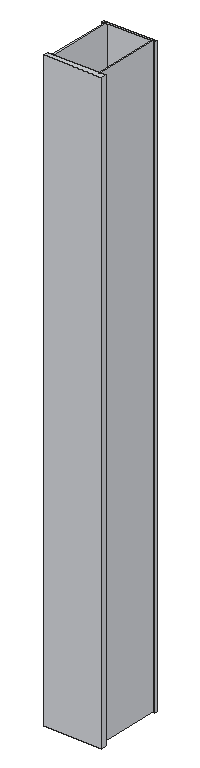
Revit family "StructuralColumns_FabricatedBoxProfile", category Structural Columns, Revit 2018
Family settings
  Section Shape = User Defined
  Material for Model Behavior = Steel
  Always export as geometry = No
  Beam cutback in plan = From bounding box
  Cut with Voids When Loaded = No
  Symbolic Representation = From Project Settings
  Shared = No
  Show family pre-cut in plan views = Yes
Parameters (values of type "FabricatedBoxProfile")
  Width = 200 mm
  Web Thickness = 0.8 cm
  Top Right Corbel Width = 1.0 cm
  Top Left Corbel Width = 1.0 cm
  Top Flange Thickness = 1.0 cm
  Structural Material [instance] = none
  Height = 300 mm
  Centroid Vertical = 150 mm
  Centroid Horizontal = 120 mm
  Bottom Right Corbel Width = 2.0 cm
  Bottom Left Corbel Width = 2.0 cm
  Bottom Flange Thickness = 2.0 cm
  Assembly Code = ""
Reference planes
  plane 1 "Center (Front/Back)": y = 0
  plane 2: z = 0
  plane 3 "Center (Left/Right)": x = 0
  plane 4: x = -100
  plane 5: x = 100
  plane 6: y = 150
  plane 7: y = -150
  plane 8: x = -110
  plane 9: x = -120
  plane 10: x = 110
  plane 11: x = 120
  plane 12: y = 140
  plane 13: y = -130
  plane 14: x = -92
  plane 15: x = 92
Forms (mm)
  Extrusion 1, solid, material <- "Structural Material", detail levels medium
    sketch origin (0, 0, 0) x (1, 0, 0) y (0, 1, 0)
      loop
        line (-110, 150) -> (-110, 140) -> (110, 140) -> (110, 150) -> (-110, 150)
    from 0 to 2500
  Extrusion 2, solid, material <- "Structural Material", detail levels fine
    sketch origin (450, -170, 0) x (1, 0, 0) y (0, 1, 0)
      loop
        line (-358, 310) -> (-358, 40) -> (-350, 40) -> (-350, 310) -> (-358, 310)
    from 0 to 2500
  Extrusion 3, solid, material <- "Structural Material", detail levels medium
    sketch origin (-416.028, 143.25, 0) x (1, 0, 0) y (0, 1, 0)
      loop
        line (296.028, -273.25) -> (296.028, -293.25) -> (536.028, -293.25) -> (536.028, -273.25) -> (296.028, -273.25)
    from 0 to 2500
  Extrusion 4, solid, material <- "Structural Material", detail levels medium
    sketch origin (-551.075, -35.963, 0) x (1, 0, 0) y (0, 1, 0)
      loop
        line (643.075, 175.963) -> (643.075, -94.037) -> (651.075, -94.037) -> (651.075, 175.963) -> (643.075, 175.963)
    from 0 to 2500
  Extrusion 5, solid, material <- "Structural Material", detail levels medium
    sketch origin (-470.774, -150.644, 0) x (1, 0, 0) y (0, 1, 0)
      loop
        line (370.774, 290.644) -> (370.774, 20.644) -> (378.774, 20.644) -> (378.774, 290.644) -> (370.774, 290.644)
    from 0 to 2500
  Extrusion 6, solid, material <- "Structural Material", detail levels fine
    sketch origin (426.632, 164.184, 0) x (1, 0, 0) y (0, 1, 0)
      loop
        line (-546.632, -294.184) -> (-546.632, -314.184) -> (-306.632, -314.184) -> (-306.632, -294.184) -> (-546.632, -294.184)
    from 0 to 2500
  Extrusion 7, solid, material <- "Structural Material", detail levels fine
    sketch origin (455.102, 57.932, 0) x (1, 0, 0) y (0, 1, 0)
      loop
        line (-555.102, 82.068) -> (-555.102, -187.932) -> (-547.102, -187.932) -> (-547.102, 82.068) -> (-555.102, 82.068)
    from 0 to 2500
  Extrusion 8, solid, material <- "Structural Material", detail levels fine
    sketch origin (477.676, -70.093, 0) x (1, 0, 0) y (0, 1, 0)
      loop
        line (-587.676, 220.093) -> (-587.676, 210.093) -> (-367.676, 210.093) -> (-367.676, 220.093) -> (-587.676, 220.093)
    from 0 to 2500
Lines and regions (mm)
  symbolic lines, style "StructuralColumnStickSymbols", detail levels coarse
    curve 1: line (-110, 150, 0) -> (110, 150, 0)
    curve 2: line (-120, -150, 0) -> (120, -150, 0)
    curve 5: line (-100, 150, 0) -> (-100, -150, 0)
    curve 6: line (100, 150, 0) -> (100, -150, 0)
  symbolic lines, style "Hidden Faces", detail levels medium+fine
    curve 3: line (360, 0, 0) -> (360, 0, 2500)
    curve 4: line (540, 0, 2500) -> (540, 0, 0)
  model lines, style "Hidden Faces", detail levels medium+fine
    curve 7: line (0, -140, 2500) -> (0, -140, 0)
    curve 8: line (0, 140, 2500) -> (0, 140, 0)
Dimensions and locks
  "Height": plane 7 to plane 6
  "Width": plane 4 to plane 5
  "Web Thickness": plane 4 to plane 14
  "Web Thickness": plane 15 to plane 5
  "Top Right Corbel Width": plane 5 to plane 10
  "Top Left Corbel Width": plane 8 to plane 4
  "Bottom Right Corbel Width": plane 5 to plane 11
  "Bottom Left Corbel Width": plane 9 to plane 4
  "Bottom Flange Thickness": plane 7 to plane 13
  "Top Flange Thickness": plane 12 to plane 6
  "Centroid Vertical": plane 7 to plane 1 "Center (Front/Back)"
  "Centroid Horizontal": plane 9 to plane 3 "Center (Left/Right)"
  Extrusion 6 to Extrusion 3 = 240 mm
  aligned and locked: level to Extrusion 1
  aligned and locked: level to plane 2
  aligned and locked: Extrusion 1 to plane 2
  aligned and locked: level to Extrusion 2
  aligned and locked: level to curve 4
  aligned and locked: level to curve 3  (x2)
  aligned and locked: plane 2 to curve 4
  aligned and locked: level to curve 7  (x2)
  aligned and locked: level to curve 8  (x2)
  aligned and locked: Extrusion 2 to level
  aligned and locked: plane 6 to Extrusion 1 sketch curve
  aligned and locked: Extrusion 1 sketch curve to curve 1  (x2)
  aligned and locked: Extrusion 1 sketch curve to plane 12
  aligned and locked: plane 13 to Extrusion 3 sketch curve
  aligned and locked: Extrusion 3 sketch curve to plane 9
  aligned and locked: Extrusion 3 sketch curve to curve 2
  aligned and locked: plane 11 to Extrusion 3 sketch curve
  aligned and locked: Extrusion 8 sketch curve to curve 1  (x2)
  aligned and locked: Extrusion 8 sketch curve to plane 12
  aligned and locked: level to Extrusion 6
  aligned and locked: Extrusion 6 to level
  aligned and locked: Extrusion 3 to level
  aligned and locked: level to Extrusion 3
  aligned and locked: level to Extrusion 7
  aligned and locked: Extrusion 7 to level
  aligned and locked: Extrusion 5 to level
  aligned and locked: level to Extrusion 5
  aligned and locked: level to Extrusion 4
  aligned and locked: Extrusion 4 to level
  aligned and locked: Extrusion 2 to plane 2
  aligned and locked: Extrusion 1 to Extrusion 2
  aligned and locked: level to Extrusion 8
  aligned and locked: Extrusion 8 to level
  aligned and locked: Extrusion 1 to level
Automatic sketch dimensions
  plane 7 to curve 2 = 0 mm
  curve 2 to plane 9 = 0 mm
  plane 6 to curve 1 = 0 mm
  curve 1 to plane 8 = 0 mm
  curve 5 to plane 4 = 0 mm
  curve 6 to plane 5 = 0 mm
  curve 1 to plane 10 = 0 mm
  curve 2 to plane 11 = 0 mm
  curve 8 to plane 12 = 0 mm
  curve 7 to plane 7 = 10 mm
  plane 13 to Extrusion 4 sketch curve = 0 mm
  Extrusion 4 sketch curve to plane 15 = 0 mm
  Extrusion 4 sketch curve to plane 5 = 0 mm
  plane 12 to Extrusion 4 sketch curve = 0 mm
  Extrusion 5 sketch curve to plane 4 = 0 mm
  plane 13 to Extrusion 5 sketch curve = 0 mm
  Extrusion 5 sketch curve to plane 14 = 0 mm
  plane 12 to Extrusion 5 sketch curve = 0 mm
  plane 6 to Extrusion 8 sketch curve = 0 mm
  plane 7 to Extrusion 6 sketch curve = 0 mm
  Extrusion 6 sketch curve to plane 9 = 0 mm
  Extrusion 6 sketch curve to plane 11 = 0 mm
  plane 13 to Extrusion 6 sketch curve = 0 mm
  Extrusion 7 sketch curve to plane 4 = 0 mm
  plane 13 to Extrusion 7 sketch curve = 0 mm
  Extrusion 7 sketch curve to plane 14 = 0 mm
  plane 12 to Extrusion 7 sketch curve = 0 mm
  plane 13 to Extrusion 2 sketch curve = 0 mm
  Extrusion 2 sketch curve to plane 15 = 0 mm
  Extrusion 2 sketch curve to plane 5 = 0 mm
  plane 12 to Extrusion 2 sketch curve = 0 mm
  curve 3 to plane 11 = 240 mm
  curve 3 to curve 4 = 180 mm
